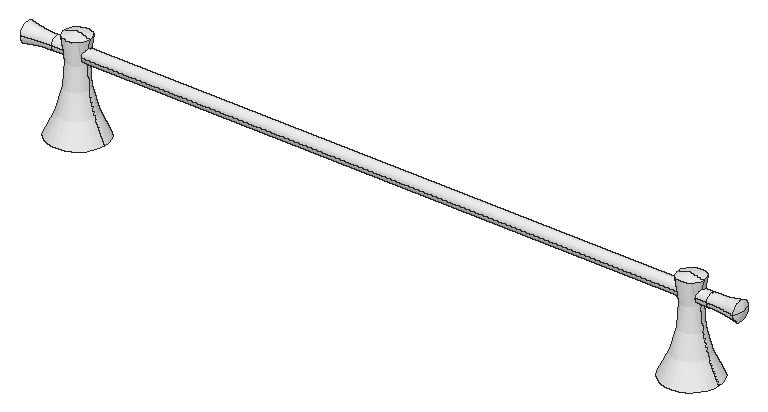
Revit family "Towel-Bar_Transitional_Nexus_YB794_TOTO", category Furniture, host Face, Revit 2013
Parameters
  ecoScorecard_data = " "
  ecoScorecard Product Page = "  "
  Width = 28 5/32"  # constant formula
  Warranty URL = "http://www.totousa.com/warranty-registration"
  Warranty = "Lifetime Limited Warranty (Residential Use), One Year Limited (Commercial Use)"  # constant formula
  URL = "http://www.totousa.com"
  Toto BIM Number = "BM-00005"  # constant formula
  Subcategory = "Accessories"  # constant formula
  Style = "Transitional"  # constant formula
  Spec Sheet URL = "http://assets.totousa.com/product-files/SS-00007_YB794_YP794_YC794_YR794.pdf"
  Shipping Weight = 2.49 lbf
  Series = "Nexus"  # constant formula
  Product Page URL = " "
  Parts Manual URL = " "
  Owners Manual URL = "  "
  Model = "YB794"  # constant formula
  Manufacturer Toll Free Phone = "1-888-295-8134"  # constant formula
  Manufacturer Phone = "(770) 282-8686 "  # constant formula
  Manufacturer Fax = "(770) 282-0002"  # constant formula
  Manufacturer Email = "mailto:custservice@totousa.com "
  Manufacturer Address = "1155 Southern Road, Morrow, Georgia 30260"  # constant formula
  Manufacturer = "TOTO USA, Inc."  # constant formula
  Height = 2 5/32"  # constant formula
  Finish = Metal - TOTO - Chrome - Polished
  Description = "Towel Bar"  # constant formula
  Depth = 3 5/8"  # constant formula
  Default Elevation = 48"  # constant formula
  Cost Info = "mailto:custservice@totousa.com "
  Color Availability = "#CP  Polished Chrome, #BN  Brushed Nickel, #PN  Polished Nickel"  # constant formula
  CAD Drawing URL = "http://assets.totousa.com/product-files/AD-00089_YB794.dxf"
  Assembly Code = "C1030220"
  95 CSI = "10800"
  04 CSI = "10 28 00"
Reference planes (in)
  plane 1 "Center (Front/Back)": y = 0
  plane 2: z = 0
  plane 3 "Center (Left/Right)": x = 0
  plane 4: z = 3.625
  plane 5 "Height": z = 2.9375
  plane 6: y = 1.07812
  plane 7: x = -14.07812
  plane 8: x = 14.07813
  plane 9: x = 12.01563
  plane 10: x = -12.01562
  plane 11: y = -1.07813
Lines and regions (in)
  symbolic lines, detail levels medium+fine
    curve 1: line (12.82762, 0, 3.1875) -> (12.45594, 0, 3.1875)
    curve 5: line (10.9375, 0, 0) -> (-10.9375, 0, 0)
  symbolic lines, detail levels coarse
    curve 2: line (0, 1.07812, 3.625) -> (0, -1.07813, 3.625)
    curve 3: line (0, 1.07812, 0) -> (0, 1.07812, 3.625)
    curve 4: line (0, -1.07813, 3.625) -> (0, -1.07813, 0)
Dimensions and locks (in)
  "Depth": plane 4 to plane 2
  locked: plane 2 to plane 5 "Height" at 2.9375
  "Width": plane 7 to plane 8
  equal spacing: plane 7, plane 3 "Center (Left/Right)", plane 8
  equal spacing: plane 10, plane 3 "Center (Left/Right)", plane 9
  locked: plane 10 to plane 9 at 24.03125
  "Height": plane 6 to plane 11
  locked: plane 11 to plane 1 "Center (Front/Back)" at 1.07812
  aligned and locked: plane 2 to host face
  aligned and locked: level to host face
  aligned and locked: plane 1 "Center (Front/Back)" to nested 1
  aligned and locked: plane 3 "Center (Left/Right)" to nested 1
Automatic sketch dimensions
  host sketch curve to host sketch curve = 37.15455"
  host sketch curve to host sketch curve = 19.49475"
  plane 4 to curve 2 = 0"
  curve 2 to plane 11 = 0"
  curve 3 to plane 6 = 0"
  plane 9 to curve 1 = 0.44032"
  curve 1 to plane 5 "Height" = 1/4"
  curve 1 to curve 1 = 0.37168"
  curve 5 to plane 9 = 1 5/64"
  curve 5 to level = 0"
  plane 10 to curve 5 = 1 5/64"
  curve 4 to level = 0"
  curve 3 to level = 0"
Nested families (in)
  nested 1: "YB794" at (0, 0, 0), type "YB794"
Definition of nested family "YB794"
  Parameters (values of type "YB794")
    Width = 28 5/32"  # constant formula
    URL = ""
    Shipping Weight = 2.49 lbf
    Model = "YB794"  # constant formula
    Manufacturer = ""
    Height = 2 5/32"  # constant formula
    Finish = Metal - TOTO - Chrome - Polished
    Description = "Towel Bar"  # constant formula
    Depth = 3 5/8"  # constant formula
    Default Elevation = 48"  # constant formula
    Assembly Code = ""
  Reference planes (in)
    plane 1 "Center (Front/Back)": y = 0
    plane 2: z = 0
    plane 3 "Center (Left/Right)": x = 0
    plane 4: z = 3.625
    plane 5 "Height": z = 2.9375
    plane 6: y = 1.07812
    plane 7: x = -14.07812
    plane 8: x = 14.07813
    plane 9: x = 12.01563
    plane 10: x = -12.01562
    plane 11: y = -1.07813
  Forms (in)
    Extrusion 1, solid
      sketch origin (0, 0, 0) x (1, 0, 0) y (0, 1, 0)
        loop
          line (-18, 12) -> (-18, -10.24475) -> (19.15455, -10.24475) -> (19.15455, 12) -> (-18, 12)
      from 0 to -2
    Revolve 2, solid, material "Metal - TOTO - Chrome - Polished" <- "Finish", detail levels medium+fine
      sketch origin (0, 0, 0) x (1, 0, 0) y (0, 0, 1)
        loop
          line (-12.01563, 0) -> (-12.01563, 3.62894) -> (-12.51563, 3.50394)
          arc (-12.51563, 3.50394) -> (-12.4642, 1.69579) -> (-13.09375, 0) r 4.74087
          line (-13.09375, 0) -> (-12.01563, 0)
        axis (-12.01563, 3.62894) -> (-12.01563, 0)
      angle from 0 to 360
    Revolve 3, solid, material "Metal - TOTO - Chrome - Polished" <- "Finish", detail levels medium+fine
      sketch origin (24.03125, 0, 0) x (1, 0, 0) y (0, 0, 1)
        loop
          line (-12.01563, 0) -> (-12.01563, 3.62894) -> (-12.51563, 3.50394)
          arc (-12.51563, 3.50394) -> (-12.4642, 1.69579) -> (-13.09375, 0) r 4.74087
          line (-13.09375, 0) -> (-12.01563, 0)
        axis (-12.01563, 3.62894) -> (-12.01563, 0)
      angle from 0 to 360
    Revolve 4, solid, material "Metal - TOTO - Chrome - Polished" <- "Finish", detail levels medium+fine
      sketch origin (0, 0, 2.9375) x (0, -1, 0) y (1, 0, 0)
        loop
          line (0, -14.07812) -> (0, 14.07813) -> (-0.37349, 13.95313)
          arc (-0.37349, 13.95313) -> (-0.27596, 13.39455) -> (-0.25, 12.82813) r 4.46507
          line (-0.25, 12.82813) -> (-0.25, -12.82813)
          arc (-0.25, -12.82813) -> (-0.27596, -13.39455) -> (-0.37349, -13.95312) r 4.46507
          line (-0.37349, -13.95312) -> (0, -14.07812)
        axis (0, -14.07812) -> (0, 14.07813)
      angle from 0 to 360
    Extrusion 5, solid, material "Metal - TOTO - Chrome - Polished" <- "Finish", detail levels coarse
      sketch origin (0, 0, 2.9375) x (0, -1, 0) y (1, 0, 0)
        loop
          line (-1.07812, -14.07812) -> (1.07813, -14.07812) -> (1.07813, 14.07813) -> (-1.07812, 14.07813) -> (-1.07812, -14.07812)
      from -2.9375 to 0.6875
  Cuts and joins
    joined: Revolve 2, Revolve 3, Revolve 4
  Lines and regions (in)
    symbolic lines, detail levels medium+fine
      curve 1: arc (-12.45594, 0, 3.1875) -> (-12.33972, 0, 2.94661) -> (-12.40606, 0, 2.6875) r 0.38992
      curve 6: line (-12.42305, 0.25, 2.9375) -> (-13.0194, 0.25, 2.9375)
      curve 7: arc (-13.0194, 0.25, 2.9375) -> (-13.48951, 0.28717, 2.9375) -> (-13.95312, 0.37349, 2.9375) r 4.48591
      curve 8: arc (-13.0194, -0.25, 2.9375) -> (-13.48951, -0.28717, 2.9375) -> (-13.95312, -0.37349, 2.9375) r 4.48591
      curve 9: line (-12.42305, -0.25, 2.9375) -> (-13.0194, -0.25, 2.9375)
      curve 10: circle (-12.01562, 0, 2.9375) r 0.47801 normal (0, 0, -1)
      curve 11: line (-13.95312, 0.37349, 2.9375) -> (-13.95312, -0.37349, 2.9375)
      curve 12: line (-13.95312, -0.37349, 2.9375) -> (-14.07812, 0, 2.9375)
      curve 13: line (-13.95312, 0.37349, 2.9375) -> (-14.07812, 0, 2.9375)
      curve 14: line (-12.82813, 0.25, 2.9375) -> (-12.82813, -0.25, 2.9375)
      curve 15: line (-11.6082, 0.25, 2.9375) -> (11.58261, 0.25, 2.9375)
      curve 16: circle (12.01563, 0, 2.9375) r 0.5 normal (0, 0, -1)
      curve 17: line (-11.6082, -0.25, 2.9375) -> (11.58261, -0.25, 2.9375)
      curve 18: arc (13.05748, 0.25116, 2.9375) -> (13.50839, 0.28971, 2.9375) -> (13.95313, 0.37349, 2.9375) r 4.48591
      curve 19: line (13.95313, 0.37349, 2.9375) -> (13.95313, -0.37349, 2.9375)
      curve 20: line (13.95313, -0.37349, 2.9375) -> (14.07813, 0, 2.9375)
      curve 21: line (13.95313, 0.37349, 2.9375) -> (14.07813, 0, 2.9375)
      curve 22: line (12.82813, 0.25, 2.9375) -> (12.82813, -0.25, 2.9375)
      curve 23: line (12.44864, 0.25, 2.9375) -> (12.96542, 0.25, 2.9375)
      curve 24: line (12.82813, -0.25, 2.9375) -> (12.44864, -0.25, 2.9375)
      curve 25: arc (10.97349, 0.25, 2.9375) -> (12.01503, 1.07171, 2.9375) -> (13.05748, 0.25116, 2.9375) r 1.07171
      curve 26: arc (13.05748, -0.25116, 2.9375) -> (12.01503, -1.07171, 2.9375) -> (10.97349, -0.25, 2.9375) r 1.07171
      curve 31: arc (-12.82762, 0, 3.1875) -> (-13.39029, 0, 3.21857) -> (-13.94613, 0, 3.31139) r 5.11097
      curve 32: arc (-13.94613, 0, 2.56361) -> (-13.39029, 0, 2.65643) -> (-12.82762, 0, 2.6875) r 5.11097
      curve 33: arc (-13.94613, 0, 3.31139) -> (-14.07195, 0, 2.9375) -> (-13.94613, 0, 2.56361) r 0.61844
      curve 34: line (11.57531, 0, 3.1875) -> (-11.57531, 0, 3.1875)
      curve 35: line (-11.6127, 0, 2.6875) -> (11.6127, 0, 2.6875)
      curve 36: line (-12.82762, 0, 3.1875) -> (-12.82762, 0, 2.6875)
      curve 37: arc (-12.40606, 0, 2.6875) -> (-12.54585, 0, 1.29154) -> (-13.09375, 0, 0) r 4.67231
      curve 38: arc (-11.6127, 0, 2.6875) -> (-11.48172, 0, 1.29184) -> (-10.9375, 0, 0) r 4.61178
      curve 39: line (-12.45594, 0, 3.1875) -> (-12.51563, 0, 3.50394)
      curve 40: line (-12.51563, 0, 3.50394) -> (-11.51563, 0, 3.50394)
      curve 41: line (-11.51563, 0, 3.50394) -> (-11.57531, 0, 3.1875)
      curve 42: arc (-11.57531, 0, 3.1875) -> (-11.68906, 0, 2.94461) -> (-11.6127, 0, 2.6875) r 0.37732
      curve 43: line (-13.09375, 0, 0) -> (-10.9375, 0, 0)
      curve 44: line (-12.51563, 0, 3.50394) -> (-12.01563, 0, 3.62861)
      curve 45: line (-12.01563, 0, 3.62861) -> (-11.51563, 0, 3.50394)
      curve 46: line (-12.82762, 0, 3.1875) -> (-12.45633, 0, 3.1875)
      curve 47: line (-12.82762, 0, 2.6875) -> (-12.40607, 0, 2.6875)
      curve 48: arc (12.82762, 0, 3.1875) -> (13.39029, 0, 3.21857) -> (13.94613, 0, 3.31139) r 5.11097
      curve 49: arc (13.94613, 0, 2.56361) -> (13.39029, 0, 2.65643) -> (12.82762, 0, 2.6875) r 5.11097
      curve 50: arc (13.94613, 0, 3.31139) -> (14.07195, 0, 2.9375) -> (13.94613, 0, 2.56361) r 0.61844
      curve 51: line (12.82762, 0, 3.1875) -> (12.82762, 0, 2.6875)
      curve 52: line (12.82762, 0, 3.1875) -> (12.45317, 0, 3.1875)
      curve 53: line (12.82762, 0, 2.6875) -> (12.40606, 0, 2.6875)
      curve 54: arc (12.45594, 0, 3.1875) -> (12.33972, 0, 2.94661) -> (12.40606, 0, 2.6875) r 0.38992
      curve 55: arc (12.40606, 0, 2.6875) -> (12.54585, 0, 1.29154) -> (13.09375, 0, 0) r 4.67231
      curve 56: arc (11.6127, 0, 2.6875) -> (11.48172, 0, 1.29184) -> (10.9375, 0, 0) r 4.61178
      curve 57: line (12.45594, 0, 3.1875) -> (12.51563, 0, 3.50394)
      curve 58: line (12.51563, 0, 3.50394) -> (11.51563, 0, 3.50394)
      curve 59: line (11.51563, 0, 3.50394) -> (11.57531, 0, 3.1875)
      curve 60: arc (11.57531, 0, 3.1875) -> (11.68906, 0, 2.94461) -> (11.6127, 0, 2.6875) r 0.37732
      curve 61: line (13.09375, 0, 0) -> (10.9375, 0, 0)
      curve 62: line (12.51563, 0, 3.50394) -> (12.01563, 0, 3.62861)
      curve 63: line (12.01563, 0, 3.62861) -> (11.51563, 0, 3.50394)
      curve 64: line (13.94613, 0, 3.31139) -> (13.94613, 0, 2.56361)
      curve 69: arc (0, 0.5, 3.50394) -> (0, 0.44959, 1.69596) -> (0, 1.07812, 0) r 4.75394
      curve 70: arc (0, -0.5, 3.50394) -> (0, -0.44959, 1.69596) -> (0, -1.07812, 0) r 4.75394
      curve 71: line (0, 0.5, 3.50394) -> (0, 0, 3.62895)
      curve 72: line (0, 0, 3.62895) -> (0, -0.5, 3.50394)
      curve 73: line (0, 0.5, 3.50394) -> (0, -0.5, 3.50394)
      curve 74: circle (0, 0, 2.9375) r 0.25 normal (1, 0, 0)
      curve 75: line (0, 0.25, 2.9375) -> (0, 0.125, 3.15401)
      curve 76: line (0, 0.125, 3.15401) -> (0, -0.125, 3.15401)
      curve 77: line (0, -0.125, 3.15401) -> (0, -0.25, 2.9375)
      curve 78: line (0, -0.25, 2.9375) -> (0, -0.125, 2.72099)
      curve 79: line (0, -0.125, 2.72099) -> (0, 0.125, 2.72099)
      curve 80: line (0, 0.125, 2.72099) -> (0, 0.25, 2.9375)
      curve 81: line (0, 0.18681, 3.26092) -> (0, -0.18681, 3.26092)
      curve 82: line (0, -0.18681, 3.26092) -> (0, -0.37349, 2.9375)
      curve 83: line (0, -0.37349, 2.9375) -> (0, -0.18675, 2.61404)
      curve 84: line (0, -0.18675, 2.61404) -> (0, 0.18675, 2.61404)
      curve 85: line (0, 0.18675, 2.61404) -> (0, 0.37349, 2.9375)
      curve 86: line (0, 0.37349, 2.9375) -> (0, 0.18681, 3.26092)
      curve 87: arc (13.05748, 0.25116, 2.9375) -> (13.01146, 0.25029, 2.9375) -> (12.96542, 0.25, 2.9375) r 3.63891
      curve 88: arc (-10.97349, 0.25, 2.9375) -> (-12.01503, 1.07171, 2.9375) -> (-13.05748, 0.25116, 2.9375) r 1.07171
      curve 89: arc (-13.05748, -0.25116, 2.9375) -> (-12.01503, -1.07171, 2.9375) -> (-10.97349, -0.25, 2.9375) r 1.07171
      curve 90: arc (12.82813, -0.25, 2.9375) -> (12.97405, -0.24952, 2.9375) -> (13.11987, -0.25509, 2.9375) r 3.51334
      curve 91: arc (13.11987, -0.25509, 2.9375) -> (13.53936, -0.29414, 2.9375) -> (13.95313, -0.37349, 2.9375) r 4.35969
    symbolic lines, detail levels coarse
      curve 2: line (-14.07812, 1.07812, 2.9375) -> (14.07813, 1.07812, 2.9375)
      curve 3: line (-14.07812, -1.07813, 2.9375) -> (-14.07812, 1.07812, 2.9375)
      curve 4: line (14.07813, -1.07813, 2.9375) -> (-14.07812, -1.07813, 2.9375)
      curve 5: line (14.07813, 1.07812, 2.9375) -> (14.07813, -1.07813, 2.9375)
      curve 27: line (-14.07812, 0, 3.625) -> (14.07812, 0, 3.625)
      curve 28: line (-14.07812, 0, 0) -> (-14.07812, 0, 3.625)
      curve 29: line (14.07812, 0, 0) -> (-14.07812, 0, 0)
      curve 30: line (14.07812, 0, 3.625) -> (14.07812, 0, 0)
      curve 65: line (0, 1.07812, 3.625) -> (0, -1.07813, 3.625)
      curve 66: line (0, 1.07812, 0) -> (0, 1.07812, 3.625)
      curve 68: line (0, -1.07813, 3.625) -> (0, -1.07813, 0)
    symbolic lines
      curve 67: line (0, -1.07813, 0) -> (0, 1.07812, 0)
  Dimensions and locks (in)
    "Depth": plane 4 to plane 2
    locked: plane 2 to plane 5 "Height" at 2.9375
    "Width": plane 7 to plane 8
    equal spacing: plane 7, plane 3 "Center (Left/Right)", plane 8
    equal spacing: plane 10, plane 3 "Center (Left/Right)", plane 9
    locked: plane 10 to plane 9 at 24.03125
    locked: Revolve 2 sketch curve to level at 0
    locked: Revolve 2 sketch curve to plane 10 at 0  (x2)
    locked: Revolve 3 sketch curve to level at 0
    locked: Revolve 3 sketch curve to plane 9 at 0
    locked: plane 4 to Revolve 3 sketch curve at 0.12106
    locked: Revolve 3 sketch curve to plane 9 at 0.5
    locked: Revolve 3 sketch curve to Revolve 3 sketch curve at 1.07813
    locked: plane 5 "Height" to Revolve 3 sketch curve at 0.46993
    locked: plane 5 "Height" to Revolve 3 sketch curve at 0.43356
    locked: Revolve 3 sketch curve to Revolve 3 sketch curve at 1.625
    locked: Revolve 2 sketch curve to plane 7 at 3.0637
    locked: plane 5 "Height" to Revolve 2 sketch curve at 0.43356
    locked: Revolve 2 sketch curve to plane 4 at 0.00394
    locked: Revolve 2 sketch curve to Revolve 2 sketch curve at 1.625
    locked: level to Revolve 2 sketch curve at 2.46757
    locked: Revolve 4 sketch curve to plane 7 at 0
    locked: Revolve 4 sketch curve to plane 8 at 0.125
    locked: Revolve 4 sketch curve to plane 1 "Center (Front/Back)" at 0.37349  (x2)
    locked: plane 7 to Revolve 4 sketch curve at 0.125
    locked: plane 9 to Revolve 4 sketch curve at 0.89171
    locked: Revolve 4 sketch curve to Revolve 4 sketch curve at 4.46437
    locked: Revolve 4 sketch curve to plane 10 at 0.89171
    locked: Revolve 4 sketch curve to Revolve 4 sketch curve at 4.34088
    locked: plane 10 to Revolve 4 sketch curve at 3
    locked: plane 3 "Center (Left/Right)" to Revolve 4 sketch curve at 2.98437
    locked: Revolve 4 sketch curve to plane 8 at 0
    "Height": plane 6 to plane 11
    locked: plane 11 to plane 1 "Center (Front/Back)" at 1.07812
    aligned and locked: plane 2 to Extrusion 1
    aligned and locked: level to Extrusion 1
    aligned and locked: Revolve 4 sketch curve to Revolve 4 sketch curve
    aligned and locked: Extrusion 5 to level
  Automatic sketch dimensions
    Extrusion 1 sketch curve to Extrusion 1 sketch curve = 37.15455"
    Extrusion 1 sketch curve to Extrusion 1 sketch curve = 22.24475"
    plane 7 to Revolve 2 sketch curve = 63/64"
    Revolve 3 sketch curve to plane 9 = 0"
    Revolve 3 sketch curve to plane 4 = 0.00394"
    Revolve 2 sketch curve to plane 10 = 1/2"
    Revolve 4 sketch curve to plane 1 "Center (Front/Back)" = 0"
    Revolve 4 sketch curve to plane 1 "Center (Front/Back)" = 1/4"
    Extrusion 5 sketch curve to plane 6 = 0"
    Extrusion 5 sketch curve to plane 7 = 0"
    Extrusion 5 sketch curve to plane 11 = 0"
    Extrusion 5 sketch curve to plane 8 = 0"
    plane 4 to curve 65 = 0"
    curve 65 to plane 11 = 0"
    plane 5 "Height" to curve 82 = 0"
    plane 5 "Height" to curve 78 = 0"
    curve 74 to plane 1 "Center (Front/Back)" = 0"
    curve 71 to plane 1 "Center (Front/Back)" = 0"
    plane 5 "Height" to curve 75 = 0"
    plane 5 "Height" to curve 85 = 0"
    curve 66 to plane 6 = 0"
    curve 70 to level = 0"
    plane 5 "Height" to curve 74 = 0"
    plane 5 "Height" to curve 70 = 0.46764"
    curve 70 to plane 11 = 4.06199"
    plane 4 to curve 73 = 0.12106"
    plane 1 "Center (Front/Back)" to curve 82 = 0.37349"
    curve 82 to curve 78 = 0.12349"
    plane 1 "Center (Front/Back)" to curve 82 = 0.18681"
    plane 1 "Center (Front/Back)" to curve 83 = 0.18675"
    curve 81 to curve 76 = 0.06181"
    curve 83 to curve 79 = 0.06175"
    curve 79 to curve 84 = 0.06175"
    curve 75 to curve 81 = 0.06181"
    curve 75 to curve 85 = 0.12349"
    curve 81 to curve 69 = 0.31319"
    plane 5 "Height" to curve 69 = 0.46764"
    curve 84 to curve 79 = 0.10695"
    curve 76 to curve 81 = 0.10691"
    curve 72 to plane 4 = 0.00395"
    curve 10 to curve 88 = 0"
    curve 10 to curve 89 = 0"
    curve 16 to curve 25 = 0"  (x2)
    curve 16 to curve 26 = 0"  (x2)
    curve 88 to curve 89 = 0"  (x2)
    curve 3 to plane 6 = 0"
    plane 1 "Center (Front/Back)" to curve 12 = 0"
    plane 1 "Center (Front/Back)" to curve 10 = 0"
    plane 1 "Center (Front/Back)" to curve 16 = 0"
    plane 1 "Center (Front/Back)" to curve 21 = 0"
    plane 1 "Center (Front/Back)" to curve 13 = 0"
    plane 1 "Center (Front/Back)" to curve 20 = 0"
    curve 5 to plane 8 = 0"
    curve 5 to plane 11 = 0"
    curve 2 to plane 7 = 0"
    curve 88 to plane 10 = 0"
    curve 25 to plane 9 = 0"
    plane 9 to curve 87 = 0.9498"
    plane 6 to curve 87 = 2.81078"
    curve 7 to plane 10 = 0.8857"
    plane 6 to curve 7 = 3.65623"
    curve 18 to curve 87 = 0.84544"
    curve 21 to plane 8 = 1/8"
    curve 21 to plane 1 "Center (Front/Back)" = 0.37349"
    plane 7 to curve 13 = 1/8"
    curve 13 to plane 1 "Center (Front/Back)" = 0.37349"
    curve 87 to plane 1 "Center (Front/Back)" = 0.25116"
    curve 88 to plane 1 "Center (Front/Back)" = 0.25116"
    curve 23 to plane 1 "Center (Front/Back)" = 1/4"
    curve 88 to curve 7 = 0.00116"
    curve 88 to plane 1 "Center (Front/Back)" = 1/4"
    plane 1 "Center (Front/Back)" to curve 89 = 1/4"
    plane 1 "Center (Front/Back)" to curve 22 = 1/4"
    plane 1 "Center (Front/Back)" to curve 8 = 1/4"
    curve 22 to curve 26 = 0.00116"
    curve 8 to curve 89 = 0.00116"
    curve 26 to curve 90 = 0.00393"
    plane 1 "Center (Front/Back)" to curve 19 = 0.37349"
    plane 1 "Center (Front/Back)" to curve 12 = 0.37349"
    plane 9 to curve 90 = 0.89711"
    curve 90 to curve 91 = 0.84815"
    curve 8 to plane 10 = 0.8857"
    curve 8 to plane 11 = 3.65623"
    curve 6 to curve 14 = 0.19127"
    curve 14 to curve 6 = 0.40508"
    curve 26 to curve 25 = 0"
    curve 15 to plane 9 = 0.43301"
    curve 22 to curve 23 = 0.1373"
    curve 90 to curve 91 = 0.0133"
    curve 28 to plane 4 = 0"
    curve 28 to plane 7 = 0"
    curve 33 to plane 5 "Height" = 0"
    curve 43 to level = 0"
    curve 37 to level = 0"
    curve 45 to plane 10 = 0"
    curve 61 to level = 0"
    curve 62 to plane 9 = 0"
    curve 50 to plane 5 "Height" = 0"
    curve 30 to plane 8 = 0"
    plane 5 "Height" to curve 37 = 0.48772"
    plane 7 to curve 32 = 0.132"
    plane 7 to curve 33 = 0.132"
    curve 33 to curve 33 = 0.49262"
    plane 7 to curve 43 = 63/64"
    plane 5 "Height" to curve 36 = 1/4"
    curve 33 to curve 36 = 0.62589"
    plane 5 "Height" to curve 1 = 0.0296"
    curve 36 to curve 1 = 0.0999"
    plane 4 to curve 40 = 0.12106"
    curve 31 to curve 40 = 0.312"
    curve 39 to curve 46 = 0.0593"
    curve 46 to curve 39 = 0.00038"
    curve 1 to curve 47 = 0.32166"
    curve 47 to curve 1 = 0"
    plane 10 to curve 35 = 0.40293"
    curve 41 to plane 5 "Height" = 1/4"
    plane 10 to curve 41 = 0.44032"
    curve 34 to curve 41 = 0.05968"
    plane 5 "Height" to curve 42 = 0.02103"
    curve 38 to curve 42 = 0.2999"
    plane 10 to curve 38 = 1 5/64"
    curve 43 to curve 38 = 0"
    plane 5 "Height" to curve 38 = 0.52193"
    plane 5 "Height" to curve 56 = 0.52193"
    curve 56 to plane 9 = 5.00669"
    curve 56 to plane 9 = 1 5/64"
    curve 61 to curve 56 = 0"
    plane 5 "Height" to curve 60 = 0.02103"
    curve 60 to curve 60 = 0.2999"
    plane 4 to curve 63 = 0.12106"
    curve 63 to curve 34 = 0.05968"
    plane 5 "Height" to curve 53 = 1/4"
    plane 9 to curve 53 = 0.39044"
    plane 9 to curve 52 = 0.43754"
    curve 52 to curve 57 = 0.00277"
    curve 54 to curve 62 = 0.05968"
    plane 5 "Height" to curve 54 = 0.0296"
    curve 53 to curve 54 = 0.32166"
    plane 9 to curve 48 = 0.812"
    curve 55 to curve 29 = 63/64"
    curve 50 to plane 8 = 0.62461"
    curve 50 to plane 8 = 0.132"
    plane 5 "Height" to curve 55 = 0.48772"
    curve 32 to level = 2.42347"
    curve 49 to level = 2.42347"
    plane 5 "Height" to curve 50 = 0.37389"
    curve 54 to curve 51 = 0.2796"
    curve 39 to curve 46 = 0"
    curve 44 to plane 4 = 0.00361"
    curve 63 to plane 4 = 0.00361"
    curve 37 to curve 32 = 3.12619"
